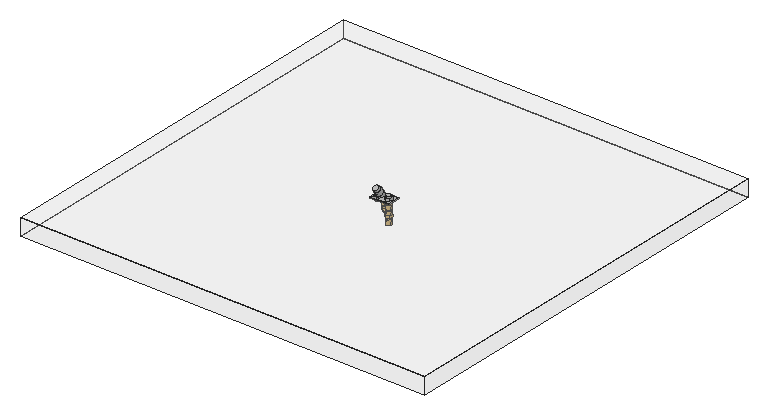
Revit family
Parameters (values of type "65CC-P")
  Weight Lbs = 4.4
  Waste Connection = no
  Single Check Vacuum Breaker = "ASSE 1011"
  Rod Assembly D = 0' - 0 1/2"
  Rod Assembly C = 0' - 0 3/4"
  Rod Assembly B = Rod Assembly A + 0' 0 1/2"  # 0' - 1 1/2"
  Rod Assembly A = Wall Thickness  # 0' - 1"
  Wall Thickness = 0' - 1"
  WFU = 0
  Vent Connection = no
  URL = "http://www.woodfordmfg.com/woodford/Wall_Hydrant_Pages/model-65.html"
  Symbol Length = 0' - 9"
  Polished Brass (PB) Optional = ""
  Plate Width = 0' - 3"
  Plate Length = 0' - 4 3/8"
  Pipe Connection Radius = 0' - 0 3/8"
  Pipe Connection Diameter = Pipe Connection Radius * 2  # 0' - 0 3/4"
  Overall Hydrant Length = Wall Thickness + 0' 4"  # 0' - 5"
  Outlet = "3/4\" Male Hose Thread"
  No Lead Solder = ""
  Model = "65CC-P"
  Max Temperature = "120º -F"
  Max Pressure = 125.00 psi
  Inlet Option = "P - 3/4\" Female Pipe Thread"
  Hydrant Specification = "Meets Gov. Spec. WW-P-541b"
  Hydrant & Vacuum Breaker = "Listed by IAPMO"
  Hydrant = "ASSE-1019-B"
  Manufacturer = "Woodford Manufacturing Company"
  Installation Instructions = "http://www.woodfordmfg.com/woodford/Installation/65-67%20Installation%20Instructions-2.pdf"
  HWFU = 0
  HW Connection = no
  GPM = "16 @ 100psi"
  Default Elevation = 4' - 0"
  Chrome Standard = ""
  Catalog Sheet = "http://www.woodfordmfg.com/woodford/Wall_Hyd_PDF/65CATALOG.pdf"
  CWFU = 2.5
  CW Connection = yes
  Brass Head & Inlet Castings = ""
  Brass (BR) Optional = ""
  Automatic Draining = ""
  All Brass Castings = ""
Types (13): name | Weight Lbs | Rod Assembly D | Rod Assembly C | Rod Assembly B | Rod Assembly A | Wall Thickness | Overall Hydrant Length | Model
  (no name) | 4.4 | 0' - 0 1/2" | 0' - 0 3/4" | 0' - 1 1/2" | 0' - 1" | 0' - 1" | 0' - 5" | "65CC-P"
  65P-8 | 5.2 | 0' - 1 1/2" | 0' - 2" | 0' - 8 1/2" | 0' - 8" | 0' - 8" | 1' - 0" | "65P-8"
  65P-6 | 4.8 | 0' - 1 1/2" | 0' - 2" | 0' - 6 1/2" | 0' - 6" | 0' - 6" | 0' - 10" | "65P-6"
  65P-4 | 4.4 | 0' - 1 1/2" | 0' - 2" | 0' - 4 1/2" | 0' - 4" | 0' - 4" | 0' - 8" | "65P-4"
  65P-10 | 5.6 | 0' - 1 1/2" | 0' - 2" | 0' - 10 1/2" | 0' - 10" | 0' - 10" | 1' - 2" | "65P-10"
  65P-12 | 6 | 0' - 1 1/2" | 0' - 2" | 1' - 0 1/2" | 1' - 0" | 1' - 0" | 1' - 4" | "65P-12"
  65P-14 | 6.4 | 0' - 1 1/2" | 0' - 2" | 1' - 2 1/2" | 1' - 2" | 1' - 2" | 1' - 6" | "65P-14"
  65P-16 | 6.8 | 0' - 1 1/2" | 0' - 2" | 1' - 4 1/2" | 1' - 4" | 1' - 4" | 1' - 8" | "65P-16"
  65P-18 | 7.2 | 0' - 1 1/2" | 0' - 2" | 1' - 6 1/2" | 1' - 6" | 1' - 6" | 1' - 10" | "65P-18"
  65P-20 | 7.6 | 0' - 1 1/2" | 0' - 2" | 1' - 8 1/2" | 1' - 8" | 1' - 8" | 2' - 0" | "65P-20"
  65P-22 | 8 | 0' - 1 1/2" | 0' - 2" | 1' - 10 1/2" | 1' - 10" | 1' - 10" | 2' - 2" | "65P-22"
  65P-24 | 8.4 | 0' - 1 1/2" | 0' - 2" | 2' - 0 1/2" | 2' - 0" | 2' - 0" | 2' - 4" | "65P-24"
  65CC-P | 4.4 | 0' - 0 1/2" | 0' - 0 3/4" | 0' - 1 1/2" | 0' - 1" | 0' - 1" | 0' - 5" | "65CC-P"
Reference planes (in)
  plane 1 "Center (Front/Back)": y = 0
  plane 2: z = 0
  plane 3 "Center (Left/Right)": x = 0
  plane 4 "Left": x = -2.1875
  plane 5 "Right": x = 2.1875
  plane 6 "Bottom": y = -1.5
  plane 7 "Top": y = 1.5
  plane 8 "Top Faceplate": z = 0.21875
  plane 9 "Right Offset": x = 1.6875
  plane 10 "Left Offset": x = -1.6875
  plane 11 "Top Nut": z = 0.71875
  plane 12 "Operating Rod Depth A": z = -1
  plane 13 "Out Right": z = -0.75
  plane 14 "Out Left": z = -0.5
  plane 15: z = -0.325
  plane 16 "Operating Rod Depth B": z = -1.5
  plane 17 "Inlet bottom nut": z = -1.75
  plane 18 "Inlet Assembly": z = -2.25
  plane 19 "Inlet Assembly Nut": z = -3
  plane 20 "Inlet Assembly Bottom Nut": z = -3.5
  plane 21 "Female Connection": z = -4
  plane 22: z = 9
  plane 23: z = -5
Forms (in)
  Extrusion 1, solid, material "Glass"
    sketch origin (0, 0, 0) x (1, 0, 0) y (0, 1, 0)
      loop
        line (-48, 48) -> (-48, -48) -> (48, -48) -> (48, 48) -> (-48, 48)
    from 0 to -4
  Extrusion 2, solid, material "Chrome", detail levels fine
    sketch origin (0, 0, 0) x (1, 0, 0) y (0, 1, 0)
      loop
        line (-2.1875, -1.5) -> (2.1875, -1.5) -> (2.1875, 1.5) -> (-2.1875, 1.5) -> (-2.1875, -1.5)
    from 0 to 0.21875
  Extrusion 3, solid, material "Chrome", detail levels fine
    sketch origin (-1.6875, 0, 0) x (0, 1, 0) y (0, 0, 1)
      loop
        line (-1.5, 0.21875) -> (-0.17611, 0.21875) -> (-0.17611, 0.4375) -> (-1.1597, 0.4375) -> (-1.44095, 0.71875) -> (-1.5, 0.71875) -> (-1.5, 0.21875)
    from 0 to 1
  Sweep 4, solid, material "Chrome", detail levels fine
    path origin (-1.1625, 0, 0) x (0, 1, 0) y (0, 0, 1)
      loop
        arc (0.31144, 0.21875) -> (0.26076, 0.51208) -> (0.1201, 0.77444) r 0.93127
    profile origin (-1.1625, 0.26076, 0.51208) x (0, -0.945519, -0.325568) y (1, 0, 0)
      loop
        circle (0, 0) r 0.78125
  Sweep 5, solid, material "Chrome", detail levels fine
    path origin (-1.1625, 0, 0) x (0, 1, 0) y (0, 0, 1)
      loop
        line (0.1201, 0.77444) -> (-0.03172, 0.97306)
    profile origin (-1.1625, 0.04419, 0.87375) x (0, -0.794484, -0.607286) y (1, 0, 0)
      loop
        circle (0, 0) r 0.5
  Sweep 6, solid, material "Chrome", detail levels fine
    path origin (-1.1625, 0, 0) x (0, 1, 0) y (0, 0, 1)
      loop
        line (-0.03172, 0.97306) -> (-0.639, 1.76754)
    profile origin (-1.1625, -0.33536, 1.3703) x (0, -0.794484, -0.607286) y (1, 0, 0)
      loop
        circle (0, 0) r 0.75
  Sweep 7, solid, material "Chrome", detail levels fine
    path origin (-1.1625, 0, 0) x (0, 1, 0) y (0, 0, 1)
      loop
        line (-0.639, 1.76754) -> (-0.75357, 1.91743)
    profile origin (-1.1625, -0.69629, 1.84249) x (0, -0.794484, -0.607286) y (1, 0, 0)
      loop
        circle (0, 0) r 0.5
  Sweep 8, solid, material "Chrome", detail levels fine
    path origin (-1.1625, 0, 0) x (0, 1, 0) y (0, 0, 1)
      loop
        line (-0.75357, 1.91743) -> (-0.95094, 2.17563)
    profile origin (-1.1625, -0.85225, 2.04653) x (0, -0.794484, -0.607286) y (1, 0, 0)
      loop
        circle (0, 0) r 0.625
  Extrusion 9, solid, material "Chrome", detail levels fine
    sketch origin (0, 0, 0.21875) x (-1, 0, 0) y (0, -1, 0)
      loop
        line (-1.02436, -0.76573) -> (-0.33622, -0.38286) -> (-0.33622, 0.38286) -> (-1.02436, 0.76573) -> (-1.6875, 0.38286) -> (-1.6875, -0.38286) -> (-1.02436, -0.76573)
    from 0 to 0.5
  Extrusion 10, solid, material "Chrome", detail levels fine
    sketch origin (0, 0, 0.71875) x (-1, 0, 0) y (0, -1, 0)
      loop
        circle (-1.02436, 0) r 0.54614
    from 0 to 0.25
  Extrusion 11, solid, material "Brass", detail levels fine
    sketch origin (0, 0, 0) x (1, 0, 0) y (0, 1, 0)
      loop
        circle (1.02436, 0) r 0.625
    from 0 to -0.75
  Extrusion 12, solid, material "Brass", detail levels fine
    sketch origin (0, 0, 0) x (1, 0, 0) y (0, 1, 0)
      loop
        circle (-0.08686, 0) r 0.4375
    from 0 to -0.5
  Extrusion 13, solid, material "Brass", detail levels fine
    sketch origin (0, 0, 0) x (1, 0, 0) y (0, 1, 0)
      loop
        arc (1.02395, -0.71363) -> (1.60463, -0.04499) -> (1.09565, 0.67972) r 0.71878
        line (1.09565, 0.67972) -> (-0.88414, 1.19681) -> (-1.9375, 1.19681) -> (-1.9375, -1.12767) -> (-1.15613, -1.12767) -> (1.02395, -0.71363)
    from 0 to -0.325
  Extrusion 14, solid, material "Brass", detail levels fine
    sketch origin (0, 0, -0.5) x (-1, 0, 0) y (0, -1, 0)
      loop
        circle (0.08686, 0) r 0.3125
    from 0 to -1
  Extrusion 15, solid, material "Brass", detail levels fine
    sketch origin (0, 0, -0.75) x (-1, 0, 0) y (0, -1, 0)
      loop
        circle (-1.02436, 0) r 0.375
    from 0 to -0.25
  Extrusion 16, solid, material "Brass", detail levels fine
    sketch origin (0, 0, -1) x (-1, 0, 0) y (0, -1, 0)
      loop
        circle (-1.02436, 0) r 0.5
    from 0 to -0.75
  Extrusion 17, solid, material "Brass", detail levels fine
    sketch origin (0, 0, -1.75) x (-1, 0, 0) y (0, -1, 0)
      loop
        circle (-1.02436, 0) r 0.375
    from 0 to -0.5
  Extrusion 18, solid, material "Brass", detail levels fine
    sketch origin (0, 0, -2.25) x (-1, 0, 0) y (0, -1, 0)
      loop
        circle (-1.02436, 0) r 0.54614
    from 0 to -0.75
  Extrusion 19, solid, material "Brass", detail levels fine
    sketch origin (0, 0, -3) x (-1, 0, 0) y (0, -1, 0)
      loop
        line (-1.02436, -0.76573) -> (-0.33622, -0.38286) -> (-0.33622, 0.38286) -> (-1.02436, 0.76573) -> (-1.6875, 0.38286) -> (-1.6875, -0.38286) -> (-1.02436, -0.76573)
    from 0 to -0.5
  Extrusion 20, solid, material "Brass", detail levels fine
    sketch origin (0, 0, -3.5) x (-1, 0, 0) y (0, -1, 0)
      loop
        circle (-1.02436, 0) r 0.375
    from 0 to -0.5
  Extrusion 21, solid, material "Brass", detail levels fine
    sketch origin (0, 0, -4) x (-1, 0, 0) y (0, -1, 0)
      loop
        circle (-1.02436, 0) r 0.60231
    from 0 to -1
  Sweep 22, solid, material "Brass", detail levels fine
    path origin (0, 0, 0) x (1, 0, 0) y (0, 0, 1)
      loop
        line (-0.094, -1.5) -> (-0.094, -1.87829)
        arc (-0.094, -1.87829) -> (0.12185, -2.39942) -> (0.64298, -2.61528) r 0.73699
    profile origin (-0.094, 0, -1.68914) x (0, -1, 0) y (1, 0, 0)
      loop
        circle (0, 0) r 0.375
Lines and regions (in)
  model lines, style "Hydrant Symbol", detail levels coarse+medium
    curve 1: line (0, 0, 0) -> (0, 0, 9)
    curve 2: line (2.1875, 0, 6.25) -> (-2.1875, 0, 6.25)
Dimensions and locks (in)
  equal spacing: plane 7 "Top", plane 1 "Center (Front/Back)", plane 6 "Bottom"
  "Plate Width": plane 7 "Top" to plane 6 "Bottom"
  equal spacing: plane 4 "Left", plane 3 "Center (Left/Right)", plane 5 "Right"
  "Plate Length": plane 4 "Left" to plane 5 "Right"
  locked: plane 8 "Top Faceplate" to level at 0.21875
  locked: plane 4 "Left" to plane 10 "Left Offset" at 0.5
  locked: plane 9 "Right Offset" to plane 5 "Right" at 0.5
  "Rod Assembly C": level to plane 13 "Out Right"
  "Rod Assembly D": Extrusion 1 to plane 14 "Out Left"
  level to plane 15 = 0' - 0.325"
  "Rod Assembly B": level to plane 16 "Operating Rod Depth B"
  "Rod Assembly A": level to plane 12 "Operating Rod Depth A"
  locked: plane 12 "Operating Rod Depth A" to plane 17 "Inlet bottom nut" at 0.75
  plane 18 "Inlet Assembly" to plane 19 "Inlet Assembly Nut" = 0' - 0 3/4"
  plane 17 "Inlet bottom nut" to plane 18 "Inlet Assembly" = 0' - 0 1/2"
  plane 19 "Inlet Assembly Nut" to plane 20 "Inlet Assembly Bottom Nut" = 0' - 0 1/2"
  plane 20 "Inlet Assembly Bottom Nut" to plane 21 "Female Connection" = 0' - 0 1/2"
  "Symbol Length": Extrusion 1 to plane 22
  locked: curve 2 to plane 22 at 2.75
  plane 21 "Female Connection" to plane 23 = 0' - 1"
  level to plane 23 = 0' - 5"
  "Pipe Connection Radius": radius of Extrusion 20 sketch curve
  "Pipe Connection Radius": radius of Extrusion 17 sketch curve
  "Pipe Connection Radius": radius of Extrusion 15 sketch curve
  aligned and locked: plane 2 to Extrusion 1
  aligned and locked: level to Extrusion 1
  aligned and locked: plane 7 "Top" to Extrusion 2
  aligned and locked: plane 6 "Bottom" to Extrusion 2
  aligned and locked: plane 5 "Right" to Extrusion 2
  aligned and locked: plane 4 "Left" to Extrusion 2
  aligned and locked: plane 8 "Top Faceplate" to Extrusion 2
  aligned and locked: plane 9 "Right Offset" to Extrusion 9 sketch curve
  aligned and locked: plane 11 "Top Nut" to Extrusion 9
  aligned and locked: plane 13 "Out Right" to Extrusion 11
  aligned and locked: plane 14 "Out Left" to Extrusion 12
  aligned and locked: Extrusion 13 to plane 15
  aligned and locked: Extrusion 15 to plane 12 "Operating Rod Depth A"
  aligned and locked: Extrusion 14 to plane 16 "Operating Rod Depth B"
  aligned and locked: plane 17 "Inlet bottom nut" to Extrusion 16
  aligned and locked: plane 18 "Inlet Assembly" to Extrusion 17
  aligned and locked: plane 20 "Inlet Assembly Bottom Nut" to Extrusion 19
  aligned and locked: plane 21 "Female Connection" to Extrusion 20
  aligned and locked: Extrusion 18 to plane 19 "Inlet Assembly Nut"
  aligned and locked: Sweep 22 to plane 16 "Operating Rod Depth B"
  aligned and locked: plane 16 "Operating Rod Depth B" to Sweep 22
  aligned and locked: plane 22 to curve 1
  aligned and locked: plane 23 to Extrusion 21  (x2)
  aligned and locked: plane 20 "Inlet Assembly Bottom Nut" to Extrusion 20
  aligned and locked: plane 21 "Female Connection" to Extrusion 21
Automatic sketch dimensions
  Extrusion 1 sketch curve to Extrusion 1 sketch curve = 8' - 0"  (x2)
  Extrusion 2 sketch curve to plane 4 "Left" = 0' - 0"
  Extrusion 2 sketch curve to plane 5 "Right" = 0' - 0"
  Extrusion 2 sketch curve to plane 6 "Bottom" = 0' - 0"
  Extrusion 2 sketch curve to plane 7 "Top" = 0' - 0"
  Extrusion 3 sketch curve to plane 6 "Bottom" = 0' - 0"
  Extrusion 3 sketch curve to plane 11 "Top Nut" = 0' - 0"
  Extrusion 3 sketch curve to plane 8 "Top Faceplate" = 0' - 0"
  Extrusion 3 sketch curve to Extrusion 3 sketch curve = 0' - 0.05905"
  plane 6 "Bottom" to Extrusion 3 sketch curve = 0' - 0.3403"
  plane 1 "Center (Front/Back)" to Extrusion 3 sketch curve = 0' - 0.17611"
  plane 8 "Top Faceplate" to Extrusion 3 sketch curve = 0' - 0 7/32"
  Sweep 4 sketch curve to plane 8 "Top Faceplate" = 0' - 0"
  Sweep 4 sketch curve to plane 8 "Top Faceplate" = 0' - 0.00986"
  plane 1 "Center (Front/Back)" to Sweep 4 sketch curve = 0' - 0.61977"
  plane 11 "Top Nut" to Sweep 4 sketch curve = 0' - 0.05569"
  Sweep 4 sketch curve to plane 1 "Center (Front/Back)" = 0' - 0.1201"
  Sweep 4 sketch curve to profile plane = 0' - 0"  (x2)
  plane 1 "Center (Front/Back)" to Sweep 5 sketch curve = 0' - 0.03172"
  plane 11 "Top Nut" to Sweep 5 sketch curve = 0' - 0.05569"
  Sweep 5 sketch curve to plane 1 "Center (Front/Back)" = 0' - 0.1201"
  Sweep 5 sketch curve to Sweep 5 sketch curve = 0' - 0.19862"
  Sweep 5 sketch curve to profile plane = 0' - 0"  (x2)
  plane 1 "Center (Front/Back)" to Sweep 6 sketch curve = 0' - 0.639"
  plane 1 "Center (Front/Back)" to Sweep 6 sketch curve = 0' - 0.03172"
  plane 11 "Top Nut" to Sweep 6 sketch curve = 0' - 0.25431"
  Sweep 6 sketch curve to Sweep 6 sketch curve = 0' - 0.79448"
  Sweep 6 sketch curve to profile plane = 0' - 0"  (x2)
  plane 6 "Bottom" to Sweep 7 sketch curve = 0' - 0.74643"
  Sweep 7 sketch curve to Sweep 7 sketch curve = 0' - 0.11457"
  plane 11 "Top Nut" to Sweep 7 sketch curve = 0' - 1.04879"
  Sweep 7 sketch curve to Sweep 7 sketch curve = 0' - 0.14988"
  Sweep 7 sketch curve to profile plane = 0' - 0"  (x2)
  plane 6 "Bottom" to Sweep 8 sketch curve = 0' - 0.54906"
  Sweep 8 sketch curve to Sweep 8 sketch curve = 0' - 0.19737"
  plane 11 "Top Nut" to Sweep 8 sketch curve = 0' - 1.19868"
  Sweep 8 sketch curve to Sweep 8 sketch curve = 0' - 0.25821"
  Sweep 8 sketch curve to profile plane = 0' - 0"  (x2)
  Extrusion 9 sketch curve to plane 9 "Right Offset" = 0' - 0.66314"  (x2)
  plane 3 "Center (Left/Right)" to Extrusion 9 sketch curve = 0' - 0.33622"
  Extrusion 9 sketch curve to plane 7 "Top" = 0' - 0.73427"
  Extrusion 9 sketch curve to plane 1 "Center (Front/Back)" = 0' - 0.38286"  (x2)
  plane 1 "Center (Front/Back)" to Extrusion 9 sketch curve = 0' - 0.38286"  (x2)
  plane 6 "Bottom" to Extrusion 9 sketch curve = 0' - 0.73427"
  plane 1 "Center (Front/Back)" to Extrusion 10 sketch curve = 0' - 0"
  Extrusion 10 sketch curve to plane 9 "Right Offset" = 0' - 0.66314"
  plane 1 "Center (Front/Back)" to Extrusion 11 sketch curve = 0' - 0"
  Extrusion 11 sketch curve to plane 9 "Right Offset" = 0' - 0.66314"
  plane 1 "Center (Front/Back)" to Extrusion 12 sketch curve = 0' - 0"
  Extrusion 12 sketch curve to plane 3 "Center (Left/Right)" = 0' - 0.08686"
  plane 4 "Left" to Extrusion 13 sketch curve = 0' - 0 1/4"
  plane 10 "Left Offset" to Extrusion 13 sketch curve = 0' - 0.53137"
  Extrusion 13 sketch curve to plane 7 "Top" = 0' - 0.30319"
  plane 10 "Left Offset" to Extrusion 13 sketch curve = 0' - 0.80336"
  plane 1 "Center (Front/Back)" to Extrusion 13 sketch curve = 0' - 0.00805"
  Extrusion 13 sketch curve to plane 9 "Right Offset" = 0' - 0.8007"
  Extrusion 13 sketch curve to plane 9 "Right Offset" = 0' - 0.66355"
  Extrusion 13 sketch curve to plane 9 "Right Offset" = 0' - 0.59185"
  plane 1 "Center (Front/Back)" to Extrusion 13 sketch curve = 0' - 0.71363"
  plane 6 "Bottom" to Extrusion 13 sketch curve = 0' - 0.37233"
  Extrusion 14 sketch curve to plane 3 "Center (Left/Right)" = 0' - 0.08686"
  plane 1 "Center (Front/Back)" to Extrusion 15 sketch curve = 0' - 0"
  Extrusion 15 sketch curve to plane 9 "Right Offset" = 0' - 0.66314"
  plane 1 "Center (Front/Back)" to Extrusion 16 sketch curve = 0' - 0"
  Extrusion 16 sketch curve to plane 9 "Right Offset" = 0' - 0.66314"
  plane 1 "Center (Front/Back)" to Extrusion 17 sketch curve = 0' - 0"
  Extrusion 17 sketch curve to plane 9 "Right Offset" = 0' - 0.66314"
  plane 1 "Center (Front/Back)" to Extrusion 18 sketch curve = 0' - 0"
  Extrusion 18 sketch curve to plane 9 "Right Offset" = 0' - 0.66314"
  Extrusion 19 sketch curve to plane 9 "Right Offset" = 0' - 0"
  Extrusion 19 sketch curve to plane 9 "Right Offset" = 0' - 0.66314"  (x2)
  plane 3 "Center (Left/Right)" to Extrusion 19 sketch curve = 0' - 0.33622"
  Extrusion 19 sketch curve to plane 7 "Top" = 0' - 0.73427"
  Extrusion 19 sketch curve to plane 1 "Center (Front/Back)" = 0' - 0.38286"  (x2)
  plane 1 "Center (Front/Back)" to Extrusion 19 sketch curve = 0' - 0.38286"  (x2)
  plane 6 "Bottom" to Extrusion 19 sketch curve = 0' - 0.73427"
  plane 1 "Center (Front/Back)" to Extrusion 20 sketch curve = 0' - 0"
  Extrusion 20 sketch curve to plane 9 "Right Offset" = 0' - 0.66314"
  plane 1 "Center (Front/Back)" to Extrusion 21 sketch curve = 0' - 0"
  Extrusion 21 sketch curve to plane 9 "Right Offset" = 0' - 0.66314"
  plane 1 "Center (Front/Back)" to Extrusion 14 sketch curve = 0' - 0"
  plane 1 "Center (Front/Back)" to Sweep 22 sketch curve = 0' - 0"
  Sweep 22 sketch curve to profile plane = 0' - 0"
  Sweep 22 sketch curve to plane 16 "Operating Rod Depth B" = 0' - 0"
  Sweep 22 sketch curve to plane 3 "Center (Left/Right)" = 0' - 0.094"
  Sweep 22 sketch curve to plane 18 "Inlet Assembly" = 0' - 0.36528"
  plane 3 "Center (Left/Right)" to Sweep 22 sketch curve = 0' - 0.64298"
  curve 2 to plane 4 "Left" = 0' - 0"
  curve 1 to plane 3 "Center (Left/Right)" = 0' - 0"
  curve 2 to plane 5 "Right" = 0' - 0"
  curve 1 to level = 0' - 0"
  radius of Sweep 4 sketch curve = 0' - 0 25/32"
  radius of Sweep 5 sketch curve = 0' - 0 1/2"
  radius of Sweep 6 sketch curve = 0' - 0 3/4"
  radius of Sweep 7 sketch curve = 0' - 0 1/2"
  radius of Sweep 8 sketch curve = 0' - 0 5/8"
  radius of Extrusion 10 sketch curve = 0' - 0.54614"
  radius of Extrusion 11 sketch curve = 0' - 0 5/8"
  radius of Extrusion 12 sketch curve = 0' - 0 7/16"
  radius of Extrusion 14 sketch curve = 0' - 0 5/16"
  radius of Extrusion 16 sketch curve = 0' - 0 1/2"
  radius of Extrusion 18 sketch curve = 0' - 0.54614"
  radius of Extrusion 21 sketch curve = 0' - 0.60231"
  radius of Sweep 22 sketch curve = 0' - 0 3/8"
Nested families (in)
  nested 1: "Hydrant Annotation" at (0, 0, 0), type "Hydrant Annotation", detail levels coarse+medium
Connectors (in)
  piping at (1.02436, 0, -5), driven by "Pipe Connection Radius"
    settings: on Extrusion 21, index 1, connector radius 3/8", flow factor 0, pipe flow 13 GPM, pressure drop 100.00 psi, fitting loss kfactor 0, connector angle 0.00°, fixture units 0, flow configuration 1, flow direction 1, fitting loss method 4, system type 20, connector reference index -1, connector utility 0, adjustable connector no, is connector primary yes, fitting loss table "", connector description ""
Definition of nested family "Hydrant Annotation"
  Reference planes (in)
    plane 1: y = 0
    plane 2: x = 0
  Lines and regions (in)
    detail lines, style "Hydrant Symbol"
      curve 1: line (0, 0, 0) -> (0, 0.325, 0)
      curve 2: line (-0.11215, 0.22111, 0) -> (0.11215, 0.22111, 0)
      curve 3: line (-0.0625, 0, 0) -> (0.0625, 0, 0)
  Dimensions and locks (in)
    equal spacing: curve 2, plane 2, curve 2
    curve 3 to curve 3 = 0' - 0 1/8"
